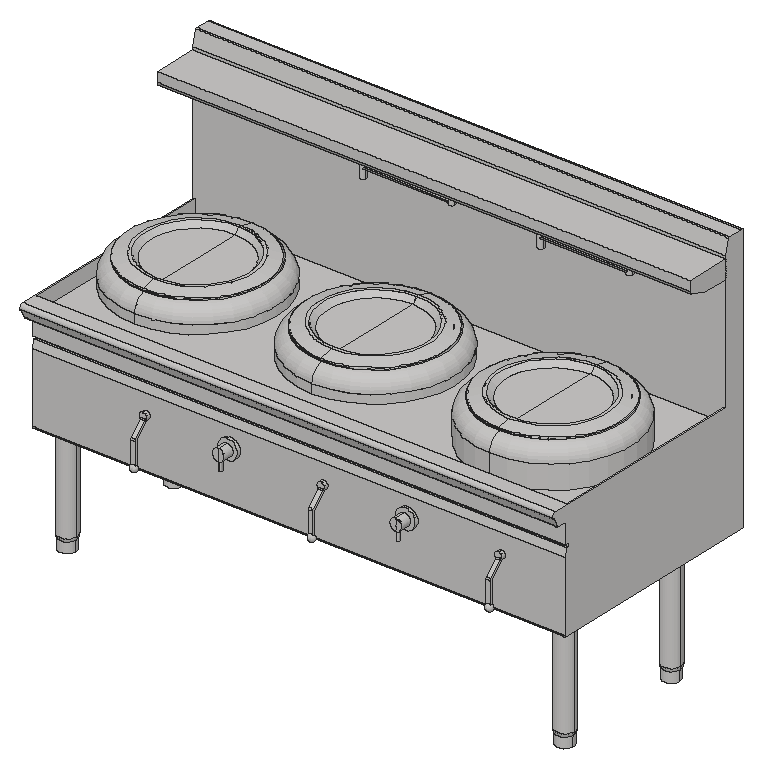
Revit family "QF_COBRA MOFFAT_CW3H", category Specialty Equipment, Revit 2016
Family settings
  Part Type = Normal
  Round Connector Dimension = Use Diameter
  Work Plane-Based = No
  Always vertical = Yes
  Cut with Voids When Loaded = No
  Shared = No
  Room Calculation Point = No
Parameters
  Weight in Kilograms = 194
  Waste Water Discharge Temperature = 0 °F
  URL Cutsheet = ""
  Specification by User = ""
  Specification by Manufacturer = ""
  Serial Number = ""
  Seismic Rating = ""
  SMACNA No = ""
  Revision Code = ""
  Plumbing Remarks = ""
  Plumbing Connection Type = ""
  NAFEM Spec ID Number = ""
  Model = "CW3H"
  Masterspec = ""
  Manufacturer = "COBRA MOFFAT"
  Length = 1800 mm
  Item Number = ""
  Installed By = ""
  Indirect Waste Size = 1 1/4"
  Indirect Waste Flow = 0 GPM
  Indirect Waste Connection Type = ""
  Indirect Waste Connection Height = 0 mm
  Identify Quantity as Lot = yes
  Height = 1280 mm
  Gas Size = 3/4"
  Gas RI Height = 0 mm
  Gas KW = 0
  Gas Input = 241693.0 Btu/h
  Gas Connection Height = 0 mm
  Furnished By = ""
  Foodservice Equipment Identifier = yes
  Description = "3 HOLE GAS WATERLESS WOKS"
  Depth = 800 mm
  Cold Water Temperature Recommended = 0 °F
  Cold Water Size = 1 1/2"
  Cold Water RI Height = 0 mm
  Cold Water Minimum Pressure = 0.00 psi
  Cold Water Maximum Pressure = 0.00 psi
  Cold Water Flow = 0 GPM
  Cold Water Consumption = ""
  Cold Water Connection Height = 0 mm
  CSI MasterFormat = ""
Reference planes
  plane 1 "BACK": y = 0
  plane 2: z = 0
  plane 3 "LEFT": x = 0
  plane 4 "RIGHT": x = 1800
  plane 5 "FRONT": y = -800
  plane 6 "TOP": z = 1280
  plane 7 "Center Y": x = 900
  plane 8 "Center X": y = -400
  plane 9: x = 60
  plane 10: x = 1740
  plane 11: y = -225
  plane 12: y = -675
  plane 13: z = 375
Forms (mm)
  Revolve 1, solid, material "QF_Metal - Stainless - Polished"
    sketch origin (0, -225, 0) x (0, 0, -1) y (1, 0, 0)
      loop
        line (0, 60) -> (-375, 60) -> (-375, 28.123) -> (-46.31, 28.123)
        arc (-46.31, 28.123) -> (-40.43, 29.336) -> (-35, 31.896) r 25.376
        line (-35, 31.896) -> (0, 31.896) -> (0, 60)
      axis (0, 60) -> (-375, 60)
    angle from 0 to 360
  Revolve 2, solid, material "QF_Metal - Stainless - Polished"
    sketch origin (0, -675, 0) x (0, 0, -1) y (1, 0, 0)
      loop
        line (0, 60) -> (-375, 60) -> (-375, 28.123) -> (-46.31, 28.123)
        arc (-46.31, 28.123) -> (-40.43, 29.336) -> (-35, 31.896) r 25.376
        line (-35, 31.896) -> (0, 31.896) -> (0, 60)
      axis (0, 60) -> (-375, 60)
    angle from 0 to 360
  Extrusion 3, solid, material "QF_Metal - Stainless - Polished"
    sketch origin (0, 0, 0) x (0, 1, 0) y (0, 0, 1)
      loop
        line (0, 375) -> (0, 1278.452)
        arc (0, 1278.452) -> (-0.746, 1279.569) -> (-2.017, 1280) r 2.088
        line (-2.017, 1280) -> (-55, 1280)
        arc (-55, 1280) -> (-56.271, 1279.569) -> (-57.017, 1278.452) r 2.088
        line (-57.017, 1278.452) -> (-70, 1230) -> (-70, 770.7) -> (-788.3, 770.7)
        arc (-788.3, 770.7) -> (-798.432, 764.85) -> (-798.432, 753.15) r 11.7
        line (-798.432, 753.15) -> (-780.947, 722.864)
        arc (-780.947, 722.864) -> (-780.095, 722.012) -> (-778.931, 721.7) r 2.328
        line (-778.931, 721.7) -> (-750.056, 721.7)
        arc (-750.056, 721.7) -> (-748.602, 721.098) -> (-748, 719.644) r 2.056
        line (-748, 719.644) -> (-748, 652.6) -> (-731.4, 652.6) -> (-731.4, 639.6) -> (-740.9, 639.6) -> (-748, 613.102) -> (-748, 376.928)
        arc (-748, 376.928) -> (-747.435, 375.565) -> (-746.072, 375) r 1.928
        line (-746.072, 375) -> (0, 375)
    from 0 to 1800
  Extrusion 4, void
    sketch origin (600, -70, 770.7) x (-1, 0, 0) y (0, -1, 0)
      loop
        line (595, 665) -> (-1195, 665) -> (-1195, 0) -> (595, 0) -> (595, 665)
    from 0 to -49
  Revolve 5, solid, material "QF_Metal - Stainless - Polished"
    sketch origin (300, 175.397, 1219.2) x (0, 1, 0) y (0, 0, 1)
      loop
        line (-867.435, -419.167) -> (-867.435, -497.5) -> (-600.532, -497.5) -> (-600.532, -365.842) -> (-759.24, -365.842) -> (-775.589, -349.492) -> (-785.589, -349.492) -> (-828.806, -360.506)
        arc (-828.806, -360.506) -> (-829.912, -361.23) -> (-830.34, -362.481) r 2.038
        line (-830.34, -362.481) -> (-830.34, -365.842) -> (-808.934, -365.842) -> (-808.934, -369.669) -> (-817.938, -369.669)
        arc (-817.938, -369.669) -> (-852.938, -384.167) -> (-867.435, -419.167) r 49.497
      axis (-600.532, -349.492) -> (-600.532, -497.5)
    angle from 0 to 360
  Extrusion 6, solid, material "QF_Metal - Stainless - Polished"
    sketch origin (0, -748, 390) x (0, 0, -1) y (1, 0, 0)
      loop
        circle (-158.884, 1584.021) r 12.661
    from 0 to 12
  Extrusion 7, solid, material "QF_Metal - Stainless - Polished"
    sketch origin (0, 2480.95, 375) x (-1, 0, 0) y (0, 1, 0)
      loop
        circle (-203, -2587.95) r 35.799
      loop
        line (-1753.779, -2986.85) -> (-1732.35, -3022.564) -> (-1710.921, -2986.85) -> (-1732.35, -2951.136) -> (-1753.779, -2986.85)
      loop
        circle (-1305.75, -2955.95) r 35.799
      loop
        line (-1153.929, -2986.8) -> (-1132.5, -3022.514) -> (-1111.071, -2986.8) -> (-1132.5, -2951.086) -> (-1153.929, -2986.8)
      loop
        line (-553.779, -2986.85) -> (-532.35, -3022.564) -> (-510.921, -2986.85) -> (-532.35, -2951.136) -> (-553.779, -2986.85)
      loop
        circle (-705.75, -2955.95) r 35.799
    from 0 to 3.2
  Extrusion 8, solid, material "QF_Metal - Stainless - Polished"
    sketch origin (0, 0, 0) x (0, 1, 0) y (0, 0, 1)
      loop
        line (-70, 1158.25) -> (-70, 1221) -> (-220, 1221) -> (-220, 1188.002)
        arc (-220, 1188.002) -> (-218.192, 1182.266) -> (-213.42, 1178.605) r 10
        line (-213.42, 1178.605) -> (-157.5, 1158.25) -> (-70, 1158.25)
    from 0 to 1800
  Extrusion 9, solid, material "QF_Metal - Stainless - Polished"
    sketch origin (550, -748, 390) x (0, 0, -1) y (1, 0, 0)
      loop
        circle (-158.889, 118.159) r 32.893
    from 0 to 10
  Revolve 10, solid, material "QF_Metal - Stainless - Polished"
    sketch origin (668.159, -4572, 581.782) x (0, 0, -1) y (0, -1, 0)
      loop
        line (32.782, -3774) -> (13.094, -3774) -> (13.094, -3809) -> (17.469, -3809) -> (17.469, -3814) -> (32.782, -3814) -> (32.782, -3774)
      axis (32.782, -3814) -> (32.782, -3774)
    angle from 0 to 360
  Extrusion 11, solid, material "QF_Metal - Stainless - Polished"
    sketch origin (850, -4572, 375) x (0, -1, 0) y (-1, 0, 0)
      loop
        circle (-3784.012, 181.994) r 5
    from -124 to -159
  Extrusion 12, solid, material "QF_Metal - Stainless - Polished"
    sketch origin (-600, -748, 390) x (0, 0, -1) y (1, 0, 0)
      loop
        circle (-158.884, 984.021) r 12.661
    from 0 to 12
  Extrusion 13, solid, material "QF_Metal - Stainless - Polished"
    sketch origin (300, 175.397, 1219.2) x (0, 1, 0) y (0, 0, 1)
      loop
        line (-972.093, -722.931) -> (-934.362, -685.2) -> (-930.56, -682.723) -> (-930.56, -674.327) -> (-935.397, -674.327) -> (-936.433, -680.2) -> (-975.921, -719.688)
        arc (-975.921, -719.688) -> (-977.384, -721.877) -> (-977.897, -724.46) r 6.749
        line (-977.897, -724.46) -> (-977.897, -797.392) -> (-972.897, -797.392) -> (-972.897, -724.873)
        arc (-972.897, -724.873) -> (-972.688, -723.822) -> (-972.093, -722.931) r 2.746
    from 76.574 to 91.449
  Revolve 14, solid, material "QF_Metal - Stainless - Polished"
    sketch origin (384.062, 0, 0) x (0, 1, 0) y (0, 0, 1)
      loop
        line (-797.5, 399) -> (-797.5, 424)
        arc (-797.5, 424) -> (-810, 411.5) -> (-797.5, 399) r 12.5
      axis (-797.5, 424) -> (-797.5, 399)
    angle from -90 to 90
  Revolve 15, solid, material "QF_Metal - Stainless - Polished"
    sketch origin (900, 175.397, 1219.2) x (0, 1, 0) y (0, 0, -1)
      loop
        arc (-867.435, 419.167) -> (-852.938, 384.167) -> (-817.938, 369.669) r 49.497
        line (-817.938, 369.669) -> (-808.934, 369.669) -> (-808.934, 365.842) -> (-830.34, 365.842) -> (-830.34, 362.481)
        arc (-830.34, 362.481) -> (-829.912, 361.23) -> (-828.806, 360.506) r 2.038
        line (-828.806, 360.506) -> (-785.589, 349.492) -> (-775.589, 349.492) -> (-759.24, 365.842) -> (-600.532, 365.842) -> (-600.532, 497.5) -> (-867.435, 497.5) -> (-867.435, 419.167)
      axis (-600.532, 349.492) -> (-600.532, 497.5)
    angle from 0 to 360
  Extrusion 16, solid, material "QF_Metal - Stainless - Polished"
    sketch origin (550.072, -157.5, 1158.25) x (1, 0, 0) y (0, -1, 0)
      loop
        circle (349.928, -56.053) r 9.571
    from 18.25 to 72.75
  Extrusion 17, solid, material "QF_Metal - Stainless - Polished"
    sketch origin (550.072, -157.5, 1158.25) x (1, 0, 0) y (0, -1, 0)
      loop
        circle (49.903, -55.75) r 9.571
    from 53.75 to 98.25
  Extrusion 18, solid, material "QF_Metal - Stainless - Polished"
    sketch origin (550.072, 0, 0) x (0, 1, 0) y (0, 0, 1)
      loop
        circle (-101.55, 1131.5) r 8
    from 80 to 347.733
  Extrusion 19, solid, material "QF_Metal - Stainless - Polished"
    sketch origin (550.072, 0, 0) x (0, 1, 0) y (0, 0, 1)
      loop
        circle (-101.55, 1094.94) r 8
    from 52.613 to 347.733
  Sweep 20, solid, material "QF_Metal - Stainless - Polished"
    path origin (550.072, 0, 5) x (1, 0, 0) y (0, 0, 1)
      loop
        arc (80, 1131.5) -> (60.945, 1126.63) -> (48.38, 1111.5) r 31.863
    profile origin (611.017, 0, 1131.63) x (0.534556, 0, -0.845133) y (0, -1, 0)
      loop
        spline (6.07, 109.55) -> (4.32, 109.277) -> (2.689, 108.478) -> (1.289, 107.207) -> (0.215, 105.55) -> (-0.461, 103.621) -> (-0.691, 101.55) -> (-0.461, 99.479) -> (0.215, 97.55) -> (1.289, 95.893) -> (2.689, 94.622) -> (4.32, 93.823) -> (6.07, 93.55)
        spline (6.07, 93.55) -> (7.82, 93.823) -> (9.45, 94.622) -> (10.851, 95.893) -> (11.925, 97.55) -> (12.6, 99.479) -> (12.831, 101.55) -> (12.6, 103.621) -> (11.925, 105.55) -> (10.851, 107.207) -> (9.45, 108.478) -> (7.82, 109.277) -> (6.07, 109.55)
  Revolve 21, solid, material "QF_Metal - Stainless - Polished"
    sketch origin (1800, -225, 0) x (0, 0, -1) y (1, 0, 0)
      loop
        line (0, -60) -> (0, -31.896) -> (-35, -31.896)
        arc (-35, -31.896) -> (-40.43, -29.336) -> (-46.31, -28.123) r 25.376
        line (-46.31, -28.123) -> (-375, -28.123) -> (-375, -60) -> (0, -60)
      axis (0, -60) -> (-375, -60)
    angle from 0 to 360
  Revolve 22, solid, material "QF_Metal - Stainless - Polished"
    sketch origin (1800, -675, 0) x (0, 0, -1) y (1, 0, 0)
      loop
        line (0, -60) -> (0, -31.896) -> (-35, -31.896)
        arc (-35, -31.896) -> (-40.43, -29.336) -> (-46.31, -28.123) r 25.376
        line (-46.31, -28.123) -> (-375, -28.123) -> (-375, -60) -> (0, -60)
      axis (0, -60) -> (-375, -60)
    angle from 0 to 360
  Extrusion 23, solid, material "QF_Metal - Stainless - Polished"
    sketch origin (1150, -748, 390) x (0, 0, -1) y (1, 0, 0)
      loop
        circle (-158.889, 118.159) r 32.893
    from 0 to 10
  Revolve 24, solid, material "QF_Metal - Stainless - Polished"
    sketch origin (1268.159, -4572, 581.782) x (0, 0, -1) y (0, -1, 0)
      loop
        line (32.782, -3774) -> (13.094, -3774) -> (13.094, -3809) -> (17.469, -3809) -> (17.469, -3814) -> (32.782, -3814) -> (32.782, -3774)
      axis (32.782, -3814) -> (32.782, -3774)
    angle from 0 to 360
  Extrusion 25, solid, material "QF_Metal - Stainless - Polished"
    sketch origin (1450, -4572, 375) x (0, -1, 0) y (-1, 0, 0)
      loop
        circle (-3784.012, 181.994) r 5
    from -124 to -159
  Extrusion 26, solid, material "QF_Metal - Stainless - Polished"
    sketch origin (1500, 175.397, 1219.2) x (0, 1, 0) y (0, 0, 1)
      loop
        line (-972.093, -722.931) -> (-934.362, -685.2) -> (-930.56, -682.723) -> (-930.56, -674.327) -> (-935.397, -674.327) -> (-936.433, -680.2) -> (-975.921, -719.688)
        arc (-975.921, -719.688) -> (-977.384, -721.877) -> (-977.897, -724.46) r 6.749
        line (-977.897, -724.46) -> (-977.897, -797.392) -> (-972.897, -797.392) -> (-972.897, -724.873)
        arc (-972.897, -724.873) -> (-972.688, -723.822) -> (-972.093, -722.931) r 2.746
    from 76.574 to 91.449
  Revolve 27, solid, material "QF_Metal - Stainless - Polished"
    sketch origin (1584.062, 0, 0) x (0, 1, 0) y (0, 0, 1)
      loop
        line (-797.5, 399) -> (-797.5, 424)
        arc (-797.5, 424) -> (-810, 411.5) -> (-797.5, 399) r 12.5
      axis (-797.5, 424) -> (-797.5, 399)
    angle from -90 to 90
  Extrusion 28, solid, material "QF_Metal - Stainless - Polished"
    sketch origin (-600, -748, 390) x (0, 0, -1) y (1, 0, 0)
      loop
        circle (-158.884, 1584.021) r 12.661
    from 0 to 12
  Extrusion 29, solid, material "QF_Metal - Stainless - Polished"
    sketch origin (900, 175.397, 1219.2) x (0, 1, 0) y (0, 0, 1)
      loop
        line (-972.093, -722.931) -> (-934.362, -685.2) -> (-930.56, -682.723) -> (-930.56, -674.327) -> (-935.397, -674.327) -> (-936.433, -680.2) -> (-975.921, -719.688)
        arc (-975.921, -719.688) -> (-977.384, -721.877) -> (-977.897, -724.46) r 6.749
        line (-977.897, -724.46) -> (-977.897, -797.392) -> (-972.897, -797.392) -> (-972.897, -724.873)
        arc (-972.897, -724.873) -> (-972.688, -723.822) -> (-972.093, -722.931) r 2.746
    from 76.574 to 91.449
  Revolve 30, solid, material "QF_Metal - Stainless - Polished"
    sketch origin (984.062, 0, 0) x (0, 1, 0) y (0, 0, 1)
      loop
        line (-797.5, 399) -> (-797.5, 424)
        arc (-797.5, 424) -> (-810, 411.5) -> (-797.5, 399) r 12.5
      axis (-797.5, 424) -> (-797.5, 399)
    angle from -90 to 90
  Extrusion 31, solid, material "QF_Metal - Stainless - Polished"
    sketch origin (1150.251, -157.5, 1158.25) x (1, 0, 0) y (0, -1, 0)
      loop
        circle (349.928, -56.053) r 9.571
    from 18.25 to 72.75
  Extrusion 32, solid, material "QF_Metal - Stainless - Polished"
    sketch origin (1150.251, -157.5, 1158.25) x (1, 0, 0) y (0, -1, 0)
      loop
        circle (49.903, -55.75) r 9.571
    from 53.75 to 98.25
  Extrusion 33, solid, material "QF_Metal - Stainless - Polished"
    sketch origin (1150.251, 0, 0) x (0, 1, 0) y (0, 0, 1)
      loop
        circle (-101.55, 1131.5) r 8
    from 80 to 347.733
  Extrusion 34, solid, material "QF_Metal - Stainless - Polished"
    sketch origin (1150.251, 0, 0) x (0, 1, 0) y (0, 0, 1)
      loop
        circle (-101.55, 1094.94) r 8
    from 52.613 to 347.733
  Sweep 35, solid, material "QF_Metal - Stainless - Polished"
    path origin (1150.251, 0, 5) x (1, 0, 0) y (0, 0, 1)
      loop
        arc (80, 1131.5) -> (60.945, 1126.63) -> (48.38, 1111.5) r 31.863
    profile origin (1211.196, 0, 1131.63) x (0.534556, 0, -0.845133) y (0, -1, 0)
      loop
        spline (6.07, 109.55) -> (4.32, 109.277) -> (2.689, 108.478) -> (1.289, 107.207) -> (0.215, 105.55) -> (-0.461, 103.621) -> (-0.691, 101.55) -> (-0.461, 99.479) -> (0.215, 97.55) -> (1.289, 95.893) -> (2.689, 94.622) -> (4.32, 93.823) -> (6.07, 93.55)
        spline (6.07, 93.55) -> (7.82, 93.823) -> (9.45, 94.622) -> (10.851, 95.893) -> (11.925, 97.55) -> (12.6, 99.479) -> (12.831, 101.55) -> (12.6, 103.621) -> (11.925, 105.55) -> (10.851, 107.207) -> (9.45, 108.478) -> (7.82, 109.277) -> (6.07, 109.55)
  Revolve 36, solid, material "QF_Metal - Stainless - Polished"
    sketch origin (1500, 175.397, 1219.2) x (0, 1, 0) y (0, 0, -1)
      loop
        arc (-867.435, 419.167) -> (-852.938, 384.167) -> (-817.938, 369.669) r 49.497
        line (-817.938, 369.669) -> (-808.934, 369.669) -> (-808.934, 365.842) -> (-830.34, 365.842) -> (-830.34, 362.481)
        arc (-830.34, 362.481) -> (-829.912, 361.23) -> (-828.806, 360.506) r 2.038
        line (-828.806, 360.506) -> (-785.589, 349.492) -> (-775.589, 349.492) -> (-759.24, 365.842) -> (-600.532, 365.842) -> (-600.532, 497.5) -> (-867.435, 497.5) -> (-867.435, 419.167)
      axis (-600.532, 349.492) -> (-600.532, 497.5)
    angle from 0 to 360
Cuts and joins
  Extrusion 4 cuts Extrusion 3
  Extrusion 4 cuts Revolve 5
  Extrusion 4 cuts Revolve 15
Lines and regions (mm)
  symbolic lines
    curve 1: line (0, 0, 0) -> (1800, 0, 0)
    curve 2: line (0, -800, 0) -> (0, 0, 0)
    curve 3: line (1800, -800, 0) -> (0, -800, 0)
    curve 4: line (0, -70, 0) -> (1800, -70, 0)
    curve 5: line (0, -220, 0) -> (1800, -220, 0)
    curve 6: line (5, -735, 0) -> (1800, -735, 0)
    curve 7: line (5, -220, 0) -> (5, -735, 0)
    curve 8: arc (300, -266.428, 0) -> (141.293, -425.135, 0) -> (300, -583.842, 0) r 158.707
    curve 9: arc (300, -583.842, 0) -> (458.707, -425.135, 0) -> (300, -266.428, 0) r 158.707
    curve 10: arc (300, -610.191, 0) -> (485.056, -425.135, 0) -> (300, -240.078, 0) r 185.056
    curve 11: arc (300, -240.078, 0) -> (114.944, -425.135, 0) -> (300, -610.191, 0) r 185.056
    curve 12: arc (300, -654.943, 0) -> (76.445, -478.38, 0) -> (196.408, -220, 0) r 229.808
    curve 13: arc (403.592, -220, 0) -> (523.555, -478.38, 0) -> (300, -654.943, 0) r 229.808
    curve 14: arc (470.753, -220, 0) -> (550.986, -515.926, 0) -> (300, -692.038, 0) r 266.903
    curve 15: arc (300, -692.038, 0) -> (49.014, -515.926, 0) -> (129.247, -220, 0) r 266.903
    curve 16: arc (900, -266.428, 0) -> (1058.707, -425.135, 0) -> (900, -583.842, 0) r 158.707
    curve 17: arc (900, -583.842, 0) -> (741.293, -425.135, 0) -> (900, -266.428, 0) r 158.707
    curve 18: arc (900, -610.191, 0) -> (714.944, -425.135, 0) -> (900, -240.078, 0) r 185.056
    curve 19: arc (900, -240.078, 0) -> (1085.056, -425.135, 0) -> (900, -610.191, 0) r 185.056
    curve 20: arc (900, -654.943, 0) -> (1123.555, -478.38, 0) -> (1003.592, -220, 0) r 229.808
    curve 21: arc (796.408, -220, 0) -> (676.445, -478.38, 0) -> (900, -654.943, 0) r 229.808
    curve 22: arc (729.247, -220, 0) -> (649.014, -515.926, 0) -> (900, -692.038, 0) r 266.903
    curve 23: arc (900, -692.038, 0) -> (1150.986, -515.926, 0) -> (1070.753, -220, 0) r 266.903
    curve 24: line (1800, -800, 0) -> (1800, 0, 0)
    curve 25: line (1795, -735, 0) -> (1795, -220, 0)
    curve 26: arc (1500, -266.428, 0) -> (1658.707, -425.135, 0) -> (1500, -583.842, 0) r 158.707
    curve 27: arc (1500, -583.842, 0) -> (1341.293, -425.135, 0) -> (1500, -266.428, 0) r 158.707
    curve 28: arc (1500, -610.191, 0) -> (1314.944, -425.135, 0) -> (1500, -240.078, 0) r 185.056
    curve 29: arc (1500, -240.078, 0) -> (1685.056, -425.135, 0) -> (1500, -610.191, 0) r 185.056
    curve 30: arc (1500, -654.943, 0) -> (1723.555, -478.38, 0) -> (1603.592, -220, 0) r 229.808
    curve 31: arc (1396.408, -220, 0) -> (1276.445, -478.38, 0) -> (1500, -654.943, 0) r 229.808
    curve 32: arc (1329.247, -220, 0) -> (1249.014, -515.926, 0) -> (1500, -692.038, 0) r 266.903
    curve 33: arc (1500, -692.038, 0) -> (1750.986, -515.926, 0) -> (1670.753, -220, 0) r 266.903
Dimensions and locks
  equal spacing: plane 3 "LEFT", plane 7 "Center Y", plane 4 "RIGHT"
  "Length": plane 3 "LEFT" to plane 4 "RIGHT"
  equal spacing: plane 5 "FRONT", plane 8 "Center X", plane 1 "BACK"
  "Depth": plane 5 "FRONT" to plane 1 "BACK"
  "Height": plane 6 "TOP" to level
  plane 4 "RIGHT" to plane 3 "LEFT" = 1800 mm
  plane 6 "TOP" to plane 2 = 1280 mm
  locked: plane 10 to plane 4 "RIGHT" at 60
  aligned and locked: level to plane 2
Automatic sketch dimensions
  Revolve 1 sketch curve to plane 9 = 0 mm  (x2)
  Revolve 1 sketch curve to plane 13 = 0 mm
  Revolve 1 sketch curve to level = 0 mm
  Revolve 1 sketch curve to plane 9 = 6.593 mm
  level to Revolve 1 sketch curve = 48.461 mm
  Revolve 1 sketch curve to Revolve 1 sketch curve = 2.152 mm
  Revolve 1 sketch curve to Revolve 1 sketch curve = 11.31 mm
  Revolve 1 sketch curve to Revolve 1 sketch curve = 21.511 mm
  Revolve 1 sketch curve to plane 13 = 55 mm
  Revolve 1 sketch curve to Revolve 1 sketch curve = 25 mm
  Revolve 2 sketch curve to plane 9 = 0 mm  (x2)
  Revolve 2 sketch curve to plane 13 = 0 mm
  Revolve 2 sketch curve to level = 0 mm
  Revolve 2 sketch curve to plane 9 = 6.593 mm
  level to Revolve 2 sketch curve = 48.461 mm
  Revolve 2 sketch curve to Revolve 2 sketch curve = 2.152 mm
  Revolve 2 sketch curve to Revolve 2 sketch curve = 11.31 mm
  Revolve 2 sketch curve to Revolve 2 sketch curve = 21.511 mm
  Revolve 2 sketch curve to Revolve 2 sketch curve = 55 mm
  Revolve 2 sketch curve to Revolve 2 sketch curve = 25 mm
  plane 13 to Extrusion 3 sketch curve = 0 mm
  Extrusion 3 sketch curve to plane 6 "TOP" = 0 mm
  Extrusion 3 sketch curve to plane 1 "BACK" = 0 mm
  plane 1 "BACK" to Extrusion 3 sketch curve = 2.017 mm
  Extrusion 3 sketch curve to Extrusion 3 sketch curve = 52.983 mm
  Extrusion 3 sketch curve to plane 6 "TOP" = 1.548 mm
  Extrusion 3 sketch curve to Extrusion 3 sketch curve = 2.017 mm
  plane 1 "BACK" to Extrusion 3 sketch curve = 70 mm
  Extrusion 3 sketch curve to plane 12 = 56.4 mm
  Extrusion 3 sketch curve to Extrusion 3 sketch curve = 9.5 mm
  Extrusion 3 sketch curve to plane 13 = 1.928 mm
  Extrusion 3 sketch curve to plane 5 "FRONT" = 53.928 mm
  Extrusion 3 sketch curve to Extrusion 3 sketch curve = 7.1 mm
  Extrusion 3 sketch curve to Extrusion 3 sketch curve = 2.056 mm
  Extrusion 3 sketch curve to plane 5 "FRONT" = 21.069 mm
  Extrusion 3 sketch curve to Extrusion 3 sketch curve = 2.016 mm
  Extrusion 3 sketch curve to plane 5 "FRONT" = 11.7 mm
  Extrusion 3 sketch curve to plane 5 "FRONT" = 1.568 mm
  Extrusion 3 sketch curve to Extrusion 3 sketch curve = 236.175 mm
  Extrusion 3 sketch curve to Extrusion 3 sketch curve = 26.498 mm
  Extrusion 3 sketch curve to Extrusion 3 sketch curve = 13 mm
  Extrusion 3 sketch curve to Extrusion 3 sketch curve = 67.044 mm
  Extrusion 3 sketch curve to Extrusion 3 sketch curve = 1.164 mm
  Extrusion 3 sketch curve to Extrusion 3 sketch curve = 30.286 mm
  Extrusion 3 sketch curve to Extrusion 3 sketch curve = 5.85 mm
  Extrusion 3 sketch curve to plane 6 "TOP" = 50 mm
  Extrusion 3 sketch curve to plane 6 "TOP" = 2.088 mm
  plane 4 "RIGHT" to Extrusion 4 sketch curve = 5 mm
  plane 3 "LEFT" to Extrusion 4 sketch curve = 5 mm
  plane 1 "BACK" to Extrusion 4 sketch curve = 70 mm
  Extrusion 4 sketch curve to plane 12 = 60 mm
  Revolve 5 sketch curve to plane 12 = 17.038 mm
  plane 12 to Revolve 5 sketch curve = 20.057 mm
  Revolve 5 sketch curve to Revolve 5 sketch curve = 1.534 mm
  Revolve 5 sketch curve to Revolve 5 sketch curve = 0.503 mm
  plane 12 to Revolve 5 sketch curve = 32.46 mm
  Revolve 5 sketch curve to Revolve 5 sketch curve = 9.004 mm
  Revolve 5 sketch curve to Revolve 5 sketch curve = 23.345 mm
  Revolve 5 sketch curve to Revolve 5 sketch curve = 10 mm
  Revolve 5 sketch curve to Revolve 5 sketch curve = 16.349 mm  (x2)
  Revolve 5 sketch curve to plane 8 "Center X" = 25.135 mm  (x2)
  Revolve 5 sketch curve to plane 13 = 346.7 mm
  Revolve 5 sketch curve to Revolve 5 sketch curve = 78.333 mm
  Revolve 5 sketch curve to Revolve 5 sketch curve = 3.828 mm  (x2)
  Revolve 5 sketch curve to Revolve 5 sketch curve = 3.361 mm
  Revolve 5 sketch curve to Revolve 5 sketch curve = 53.342 mm
  Revolve 5 sketch curve to Revolve 5 sketch curve = 45 mm
  Extrusion 3 to Extrusion 6 sketch curve = 64.218 mm
  Extrusion 3 to Extrusion 6 sketch curve = 215.979 mm
  Extrusion 7 sketch curve to Extrusion 3 = 46.221 mm
  Extrusion 7 sketch curve to Extrusion 7 sketch curve = 21.429 mm  (x9)
  Extrusion 7 sketch curve to Extrusion 7 sketch curve = 405.171 mm
  Extrusion 3 to Extrusion 7 sketch curve = 240.222 mm  (x2)
  Extrusion 7 sketch curve to Extrusion 7 sketch curve = 151.821 mm
  Extrusion 3 to Extrusion 7 sketch curve = 204.508 mm
  Extrusion 3 to Extrusion 7 sketch curve = 275.937 mm
  Extrusion 7 sketch curve to Extrusion 7 sketch curve = 405.321 mm
  Extrusion 3 to Extrusion 7 sketch curve = 240.172 mm  (x2)
  Extrusion 7 sketch curve to Extrusion 7 sketch curve = 151.971 mm
  Extrusion 3 to Extrusion 7 sketch curve = 204.458 mm
  Extrusion 7 sketch curve to Extrusion 3 = 203 mm
  Extrusion 3 to Extrusion 7 sketch curve = 107 mm
  Extrusion 7 sketch curve to Extrusion 7 sketch curve = 35.714 mm  (x4)
  Extrusion 3 to Extrusion 7 sketch curve = 275.887 mm
  Extrusion 7 sketch curve to Extrusion 7 sketch curve = 30.9 mm
  Extrusion 7 sketch curve to Extrusion 7 sketch curve = 30.85 mm
  Extrusion 8 sketch curve to plane 11 = 5 mm
  Extrusion 8 sketch curve to Extrusion 8 sketch curve = 6.58 mm
  Extrusion 8 sketch curve to Extrusion 8 sketch curve = 3.42 mm
  Extrusion 8 sketch curve to Extrusion 8 sketch curve = 55.92 mm
  plane 1 "BACK" to Extrusion 8 sketch curve = 70 mm
  Extrusion 8 sketch curve to plane 6 "TOP" = 121.75 mm
  Extrusion 8 sketch curve to Extrusion 8 sketch curve = 20.355 mm
  Extrusion 8 sketch curve to Extrusion 8 sketch curve = 32.998 mm
  Extrusion 9 sketch curve to plane 13 = 173.889 mm
  Extrusion 9 sketch curve to plane 7 "Center Y" = 231.841 mm
  Revolve 10 sketch curve to plane 5 "FRONT" = 37 mm
  Revolve 10 sketch curve to plane 13 = 193.687 mm
  Revolve 10 sketch curve to Revolve 10 sketch curve = 4.375 mm
  Revolve 10 sketch curve to Revolve 10 sketch curve = 15.312 mm
  Revolve 10 sketch curve to Revolve 10 sketch curve = 5 mm
  Revolve 10 sketch curve to plane 5 "FRONT" = 2 mm
  Revolve 10 sketch curve to Revolve 10 sketch curve = 0 mm
  plane 5 "FRONT" to Revolve 10 sketch curve = 4.344 mm
  Revolve 10 sketch curve to Revolve 10 sketch curve = 3.34 mm
  Extrusion 11 sketch curve to plane 5 "FRONT" = 12.012 mm
  Extrusion 11 sketch curve to plane 7 "Center Y" = 231.994 mm
  Extrusion 3 to Extrusion 12 sketch curve = 64.218 mm
  Extrusion 3 to Extrusion 12 sketch curve = 384.021 mm
  plane 5 "FRONT" to Extrusion 13 sketch curve = 2.5 mm
  plane 5 "FRONT" to Extrusion 13 sketch curve = 0.523 mm
  Extrusion 13 sketch curve to plane 5 "FRONT" = 2.5 mm
  Extrusion 13 sketch curve to Extrusion 13 sketch curve = 0.804 mm
  Extrusion 13 sketch curve to Extrusion 13 sketch curve = 1.749 mm
  Extrusion 13 sketch curve to Extrusion 13 sketch curve = 0.997 mm
  Extrusion 13 sketch curve to plane 5 "FRONT" = 38.964 mm
  Extrusion 13 sketch curve to Extrusion 13 sketch curve = 1.036 mm
  Extrusion 13 sketch curve to Extrusion 13 sketch curve = 2.071 mm
  Extrusion 13 sketch curve to Extrusion 13 sketch curve = 3.802 mm
  Extrusion 13 sketch curve to plane 13 = 46.808 mm
  Extrusion 13 sketch curve to Extrusion 13 sketch curve = 72.519 mm
  Extrusion 13 sketch curve to Extrusion 13 sketch curve = 0.413 mm
  Extrusion 13 sketch curve to Extrusion 13 sketch curve = 37.731 mm
  Extrusion 13 sketch curve to Extrusion 13 sketch curve = 2.477 mm
  Extrusion 13 sketch curve to Extrusion 13 sketch curve = 5 mm
  Extrusion 13 sketch curve to Extrusion 13 sketch curve = 5.873 mm
  Revolve 14 sketch curve to plane 5 "FRONT" = 2.5 mm  (x2)
  Revolve 14 sketch curve to plane 13 = 24 mm
  Revolve 14 sketch curve to Revolve 14 sketch curve = 12.5 mm
  Revolve 14 sketch curve to Revolve 14 sketch curve = 5.833 mm
  Revolve 14 sketch curve to Revolve 14 sketch curve = 5 mm
  Revolve 15 sketch curve to plane 12 = 17.038 mm
  plane 12 to Revolve 15 sketch curve = 20.057 mm
  Revolve 15 sketch curve to Revolve 15 sketch curve = 1.534 mm
  Revolve 15 sketch curve to Revolve 15 sketch curve = 0.503 mm
  plane 12 to Revolve 15 sketch curve = 32.46 mm
  Revolve 15 sketch curve to Revolve 15 sketch curve = 9.004 mm
  Revolve 15 sketch curve to Revolve 15 sketch curve = 23.345 mm
  Revolve 15 sketch curve to Revolve 15 sketch curve = 10 mm
  Revolve 15 sketch curve to Revolve 15 sketch curve = 16.349 mm  (x2)
  Revolve 15 sketch curve to plane 8 "Center X" = 25.135 mm  (x2)
  Revolve 15 sketch curve to plane 6 "TOP" = 410.292 mm
  Revolve 15 sketch curve to Revolve 15 sketch curve = 11.014 mm
  Revolve 15 sketch curve to Revolve 15 sketch curve = 3.361 mm
  Revolve 15 sketch curve to Revolve 15 sketch curve = 3.828 mm
  Revolve 15 sketch curve to Revolve 15 sketch curve = 131.658 mm
  Revolve 15 sketch curve to Revolve 15 sketch curve = 53.342 mm
  Revolve 15 sketch curve to Revolve 15 sketch curve = 45 mm
  Extrusion 16 sketch curve to plane 7 "Center Y" = 0 mm
  plane 1 "BACK" to Extrusion 16 sketch curve = 101.447 mm
  plane 1 "BACK" to Extrusion 17 sketch curve = 101.75 mm
  Extrusion 17 sketch curve to plane 7 "Center Y" = 300.025 mm
  plane 1 "BACK" to Extrusion 18 sketch curve = 101.55 mm
  Extrusion 18 sketch curve to plane 6 "TOP" = 148.5 mm
  plane 1 "BACK" to Extrusion 19 sketch curve = 101.55 mm
  Extrusion 19 sketch curve to plane 6 "TOP" = 185.06 mm
  Sweep 20 sketch curve to plane 7 "Center Y" = 271.951 mm
  Sweep 20 sketch curve to plane 6 "TOP" = 175.299 mm
  Sweep 20 sketch curve to Sweep 20 sketch curve = 29.598 mm
  Sweep 20 sketch curve to Sweep 20 sketch curve = 2.022 mm
  Sweep 20 sketch curve to Sweep 20 sketch curve = 11.799 mm
  Sweep 20 sketch curve to profile plane = 6.07 mm
  profile plane to Sweep 20 sketch curve = 93.55 mm
  Sweep 20 sketch curve to Sweep 20 sketch curve = 8 mm
  Revolve 21 sketch curve to plane 10 = 0 mm
  Revolve 21 sketch curve to plane 13 = 0 mm
  Revolve 21 sketch curve to level = 0 mm
  plane 10 to Revolve 21 sketch curve = 0 mm
  Revolve 21 sketch curve to plane 10 = 6.593 mm
  level to Revolve 21 sketch curve = 48.461 mm
  Revolve 21 sketch curve to Revolve 21 sketch curve = 2.152 mm
  Revolve 21 sketch curve to Revolve 21 sketch curve = 11.31 mm
  Revolve 21 sketch curve to plane 10 = 28.104 mm
  Revolve 21 sketch curve to Revolve 21 sketch curve = 55 mm
  Revolve 21 sketch curve to Revolve 21 sketch curve = 25 mm
  Revolve 22 sketch curve to plane 10 = 0 mm
  Revolve 22 sketch curve to plane 13 = 0 mm
  Revolve 22 sketch curve to level = 0 mm
  plane 10 to Revolve 22 sketch curve = 0 mm
  Revolve 22 sketch curve to plane 10 = 6.593 mm
  level to Revolve 22 sketch curve = 48.461 mm
  Revolve 22 sketch curve to Revolve 22 sketch curve = 2.152 mm
  Revolve 22 sketch curve to Revolve 22 sketch curve = 11.31 mm
  Revolve 22 sketch curve to plane 10 = 28.104 mm
  Revolve 22 sketch curve to Revolve 22 sketch curve = 55 mm
  Revolve 22 sketch curve to Revolve 22 sketch curve = 25 mm
  Extrusion 23 sketch curve to plane 13 = 173.889 mm
  plane 7 "Center Y" to Extrusion 23 sketch curve = 368.159 mm
  Revolve 24 sketch curve to plane 5 "FRONT" = 37 mm
  Revolve 24 sketch curve to plane 13 = 193.687 mm
  Revolve 24 sketch curve to Revolve 24 sketch curve = 4.375 mm
  Revolve 24 sketch curve to Revolve 24 sketch curve = 15.312 mm
  Revolve 24 sketch curve to Revolve 24 sketch curve = 5 mm
  Revolve 24 sketch curve to plane 5 "FRONT" = 2 mm
  Revolve 24 sketch curve to Revolve 24 sketch curve = 0 mm
  plane 5 "FRONT" to Revolve 24 sketch curve = 4.344 mm
  Revolve 24 sketch curve to Revolve 24 sketch curve = 3.34 mm
  Extrusion 25 sketch curve to plane 5 "FRONT" = 12.012 mm
  plane 7 "Center Y" to Extrusion 25 sketch curve = 368.006 mm
  plane 5 "FRONT" to Extrusion 26 sketch curve = 2.5 mm
  plane 5 "FRONT" to Extrusion 26 sketch curve = 0.523 mm
  Extrusion 26 sketch curve to plane 5 "FRONT" = 2.5 mm
  Extrusion 26 sketch curve to Extrusion 26 sketch curve = 0.804 mm
  Extrusion 26 sketch curve to Extrusion 26 sketch curve = 1.749 mm
  Extrusion 26 sketch curve to Extrusion 26 sketch curve = 0.997 mm
  Extrusion 26 sketch curve to plane 5 "FRONT" = 38.964 mm
  Extrusion 26 sketch curve to Extrusion 26 sketch curve = 1.036 mm
  Extrusion 26 sketch curve to Extrusion 26 sketch curve = 2.071 mm
  Extrusion 26 sketch curve to Extrusion 26 sketch curve = 3.802 mm
  Extrusion 26 sketch curve to plane 13 = 46.808 mm
  Extrusion 26 sketch curve to Extrusion 26 sketch curve = 72.519 mm
  Extrusion 26 sketch curve to Extrusion 26 sketch curve = 0.413 mm
  Extrusion 26 sketch curve to Extrusion 26 sketch curve = 37.731 mm
  Extrusion 26 sketch curve to Extrusion 26 sketch curve = 2.477 mm
  Extrusion 26 sketch curve to Extrusion 26 sketch curve = 5 mm
  Extrusion 26 sketch curve to Extrusion 26 sketch curve = 5.873 mm
  Revolve 27 sketch curve to plane 5 "FRONT" = 2.5 mm  (x2)
  Revolve 27 sketch curve to plane 13 = 24 mm
  Revolve 27 sketch curve to Revolve 27 sketch curve = 12.5 mm
  Revolve 27 sketch curve to Revolve 27 sketch curve = 5.833 mm
  Revolve 27 sketch curve to Revolve 27 sketch curve = 5 mm
  Extrusion 3 to Extrusion 28 sketch curve = 64.218 mm
  Extrusion 3 to Extrusion 28 sketch curve = 815.979 mm
  plane 5 "FRONT" to Extrusion 29 sketch curve = 2.5 mm
  plane 5 "FRONT" to Extrusion 29 sketch curve = 0.523 mm
  Extrusion 29 sketch curve to plane 5 "FRONT" = 2.5 mm
  Extrusion 29 sketch curve to Extrusion 29 sketch curve = 0.804 mm
  Extrusion 29 sketch curve to Extrusion 29 sketch curve = 1.749 mm
  Extrusion 29 sketch curve to Extrusion 29 sketch curve = 0.997 mm
  Extrusion 29 sketch curve to plane 5 "FRONT" = 38.964 mm
  Extrusion 29 sketch curve to Extrusion 29 sketch curve = 1.036 mm
  Extrusion 29 sketch curve to Extrusion 29 sketch curve = 2.071 mm
  Extrusion 29 sketch curve to Extrusion 29 sketch curve = 3.802 mm
  Extrusion 29 sketch curve to plane 13 = 46.808 mm
  Extrusion 29 sketch curve to Extrusion 29 sketch curve = 72.519 mm
  Extrusion 29 sketch curve to Extrusion 29 sketch curve = 0.413 mm
  Extrusion 29 sketch curve to Extrusion 29 sketch curve = 37.731 mm
  Extrusion 29 sketch curve to Extrusion 29 sketch curve = 2.477 mm
  Extrusion 29 sketch curve to Extrusion 29 sketch curve = 5 mm
  Extrusion 29 sketch curve to Extrusion 29 sketch curve = 5.873 mm
  Revolve 30 sketch curve to plane 5 "FRONT" = 2.5 mm  (x2)
  Revolve 30 sketch curve to plane 13 = 24 mm
  Revolve 30 sketch curve to Revolve 30 sketch curve = 12.5 mm
  Revolve 30 sketch curve to Revolve 30 sketch curve = 5.833 mm
  Revolve 30 sketch curve to Revolve 30 sketch curve = 5 mm
  plane 1 "BACK" to Extrusion 31 sketch curve = 101.447 mm
  plane 10 to Extrusion 31 sketch curve = 239.821 mm
  plane 1 "BACK" to Extrusion 32 sketch curve = 101.75 mm
  plane 7 "Center Y" to Extrusion 32 sketch curve = 300.154 mm
  plane 1 "BACK" to Extrusion 33 sketch curve = 101.55 mm
  Extrusion 33 sketch curve to plane 6 "TOP" = 148.5 mm
  plane 1 "BACK" to Extrusion 34 sketch curve = 101.55 mm
  Extrusion 34 sketch curve to plane 6 "TOP" = 185.06 mm
  plane 7 "Center Y" to Sweep 35 sketch curve = 328.229 mm
  Sweep 35 sketch curve to plane 6 "TOP" = 175.299 mm
  Sweep 35 sketch curve to Sweep 35 sketch curve = 29.598 mm
  Sweep 35 sketch curve to Sweep 35 sketch curve = 2.022 mm
  Sweep 35 sketch curve to Sweep 35 sketch curve = 11.799 mm
  Sweep 35 sketch curve to profile plane = 6.07 mm
  profile plane to Sweep 35 sketch curve = 93.55 mm
  Sweep 35 sketch curve to Sweep 35 sketch curve = 8 mm
  Revolve 36 sketch curve to plane 12 = 17.038 mm
  plane 12 to Revolve 36 sketch curve = 20.057 mm
  Revolve 36 sketch curve to Revolve 36 sketch curve = 1.534 mm
  Revolve 36 sketch curve to Revolve 36 sketch curve = 0.503 mm
  plane 12 to Revolve 36 sketch curve = 32.46 mm
  Revolve 36 sketch curve to Revolve 36 sketch curve = 9.004 mm
  Revolve 36 sketch curve to Revolve 36 sketch curve = 23.345 mm
  Revolve 36 sketch curve to Revolve 36 sketch curve = 10 mm
  Revolve 36 sketch curve to Revolve 36 sketch curve = 16.349 mm  (x2)
  Revolve 36 sketch curve to plane 8 "Center X" = 25.135 mm  (x2)
  Revolve 36 sketch curve to plane 6 "TOP" = 410.292 mm
  Revolve 36 sketch curve to Revolve 36 sketch curve = 11.014 mm
  Revolve 36 sketch curve to Revolve 36 sketch curve = 3.361 mm
  Revolve 36 sketch curve to Revolve 36 sketch curve = 3.828 mm
  Revolve 36 sketch curve to Revolve 36 sketch curve = 131.658 mm
  Revolve 36 sketch curve to Revolve 36 sketch curve = 53.342 mm
  Revolve 36 sketch curve to Revolve 36 sketch curve = 45 mm
  curve 8 to curve 10 = 0 mm  (x2)
  curve 8 to curve 12 = 0 mm
  curve 8 to curve 14 = 0 mm
  curve 11 to curve 15 = 0 mm
  curve 12 to curve 13 = 0 mm
  curve 12 to curve 14 = 0 mm
  curve 12 to curve 15 = 0 mm
  curve 16 to curve 18 = 0 mm  (x2)
  curve 16 to curve 20 = 0 mm
  curve 16 to curve 22 = 0 mm
  curve 19 to curve 23 = 0 mm
  curve 20 to curve 21 = 0 mm
  curve 20 to curve 22 = 0 mm
  curve 20 to curve 23 = 0 mm
  curve 26 to curve 32 = 0 mm
  curve 27 to curve 29 = 0 mm
  curve 27 to curve 33 = 0 mm
  curve 29 to curve 33 = 0 mm
  curve 30 to curve 33 = 0 mm
  curve 31 to curve 33 = 0 mm  (x2)
  curve 32 to curve 33 = 0 mm
  plane 1 "BACK" to curve 1 = 0 mm
  curve 1 to plane 3 "LEFT" = 0 mm
  curve 22 to plane 7 "Center Y" = 0 mm
  plane 5 "FRONT" to curve 3 = 0 mm
  plane 3 "LEFT" to curve 7 = 5 mm
  curve 14 to plane 8 "Center X" = 25.135 mm
  plane 9 to curve 14 = 240 mm
  curve 32 to plane 8 "Center X" = 25.135 mm
  plane 10 to curve 32 = 240 mm
  curve 7 to plane 12 = 60 mm
  curve 16 to plane 8 "Center X" = 25.135 mm
  plane 1 "BACK" to curve 4 = 70 mm
  curve 15 to plane 11 = 5 mm
  plane 9 to curve 15 = 69.247 mm
  curve 15 to curve 12 = 67.161 mm
  curve 22 to plane 7 "Center Y" = 170.753 mm
  curve 22 to curve 21 = 67.161 mm
  curve 32 to curve 29 = 170.753 mm
  curve 32 to curve 31 = 67.161 mm
  plane 4 "RIGHT" to curve 25 = 5 mm
  curve 13 to curve 10 = 44.752 mm
  curve 30 to curve 28 = 44.752 mm
  curve 20 to curve 19 = 44.752 mm
  curve 10 to curve 8 = 26.349 mm
  curve 29 to curve 27 = 26.349 mm
  curve 18 to curve 17 = 26.349 mm
  curve 4 to plane 4 "RIGHT" = 0 mm
  radius of Extrusion 6 sketch curve = 12.661 mm
  radius of Extrusion 7 sketch curve = 35.799 mm  (x3)
  radius of Extrusion 9 sketch curve = 32.893 mm
  radius of Extrusion 11 sketch curve = 5 mm
  radius of Extrusion 12 sketch curve = 12.661 mm
  radius of Extrusion 16 sketch curve = 9.571 mm
  radius of Extrusion 17 sketch curve = 9.571 mm
  radius of Extrusion 18 sketch curve = 8 mm
  radius of Extrusion 19 sketch curve = 8 mm
  radius of Extrusion 23 sketch curve = 32.893 mm
  radius of Extrusion 25 sketch curve = 5 mm
  radius of Extrusion 28 sketch curve = 12.661 mm
  radius of Extrusion 31 sketch curve = 9.571 mm
  radius of Extrusion 32 sketch curve = 9.571 mm
  radius of Extrusion 33 sketch curve = 8 mm
  radius of Extrusion 34 sketch curve = 8 mm
Connectors
  piping at (203, -107, 371.8), diameter 31.75, driven by "Indirect Waste Size"
    settings: on Extrusion 7, index 8, connector inside diameter 24", connector length 0 mm, flow factor 0, pipe flow 0 GPM, pressure drop 0.00 psi, fitting loss kfactor 0, connector angle 0.00°, fixture units 0, engagement length 0 mm, angle of deflection 0.00°, flow configuration 1, flow direction 2, fitting loss method 0, system type 16, joint type 0, gender type 0, connector reference index -1, connector utility 0, adjustable connector no, is connector primary yes, connector description "DRAIN"
  piping at (1305.75, -475, 371.8), diameter 38.1, driven by "Cold Water Size"
    settings: on Extrusion 7, index 9, connector inside diameter 24", connector length 0 mm, flow factor 0, pipe flow 0 GPM, pressure drop 0.00 psi, fitting loss kfactor 0, connector angle 0.00°, fixture units 0, engagement length 0 mm, angle of deflection 0.00°, flow configuration 1, flow direction 1, fitting loss method 0, system type 20, joint type 0, gender type 0, connector reference index -1, connector utility 0, adjustable connector no, is connector primary no, connector description "WATER INLET"
  piping at (1732.35, -505.9, 371.8), diameter 19.05, driven by "Gas Size"
    settings: on Extrusion 7, index 10, connector inside diameter 24", connector length 0 mm, flow factor 0, pipe flow 0 GPM, pressure drop 0.00 psi, fitting loss kfactor 0, connector angle 0.00°, fixture units 0, engagement length 0 mm, angle of deflection 0.00°, flow configuration 1, flow direction 1, fitting loss method 0, system type 7, joint type 0, gender type 0, connector reference index -1, connector utility 0, adjustable connector no, is connector primary no, connector description "GAS INLET"
  piping at (1132.5, -505.85, 371.8), diameter 19.05, driven by "Gas Size"
    settings: on Extrusion 7, index 11, connector inside diameter 24", connector length 0 mm, flow factor 0, pipe flow 0 GPM, pressure drop 0.00 psi, fitting loss kfactor 0, connector angle 0.00°, fixture units 0, engagement length 0 mm, angle of deflection 0.00°, flow configuration 0, flow direction 0, fitting loss method 0, system type 7, joint type 0, gender type 0, connector reference index -1, connector utility 0, adjustable connector no, is connector primary no, connector description "GAS INLET"
  piping at (705.75, -475, 371.8), diameter 38.1, driven by "Cold Water Size"
    settings: on Extrusion 7, index 12, connector inside diameter 24", connector length 0 mm, flow factor 0, pipe flow 0 GPM, pressure drop 0.00 psi, fitting loss kfactor 0, connector angle 0.00°, fixture units 0, engagement length 0 mm, angle of deflection 0.00°, flow configuration 1, flow direction 1, fitting loss method 0, system type 20, joint type 0, gender type 0, connector reference index -1, connector utility 0, adjustable connector no, is connector primary no, connector description "WATER INLET"
  piping at (532.35, -505.9, 371.8), diameter 19.05, driven by "Gas Size"
    settings: on Extrusion 7, index 13, connector inside diameter 24", connector length 0 mm, flow factor 0, pipe flow 0 GPM, pressure drop 0.00 psi, fitting loss kfactor 0, connector angle 0.00°, fixture units 0, engagement length 0 mm, angle of deflection 0.00°, flow configuration 1, flow direction 1, fitting loss method 0, system type 7, joint type 0, gender type 0, connector reference index -1, connector utility 0, adjustable connector no, is connector primary no, connector description "GAS INLET"
